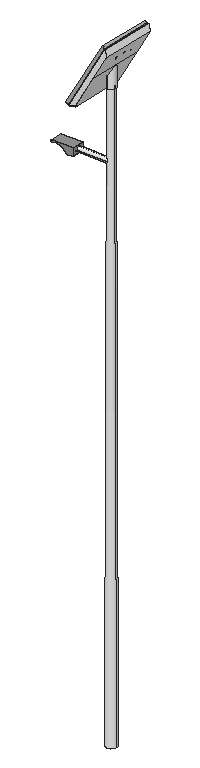
Revit family "Farola Solar Olintu L blanca", category Luminarias, Revit 2021
Family settings
  Cota de conector redondo = Diámetro de uso
  Tipo de pieza = Normal
  Se basa en plano de trabajo = No
  Siempre vertical = Sí
  Corte con vacíos al cargar = No
  Origen de luz = No
  Compartido = Sí
  Punto de cálculo de habitación = No
Parameters
  URL producto = "https://ekiona.com/farolas-solares/serie-olintu/"
  URL = "https://www.ekiona.com/"
  Teléfono de contacto = "(+34) 943 30 80 51"
  Keynote = ""
  Modelo = "Modelo Olintu"
  Marcado CE = "SÍ"
  Garantía = "5 años"
  Gama de colores = "Blanco, Negro, Gris, Verde bosque, Acero galvanizado"
  Gama de acabados = "Glavanizado, Fibra de vidrio, Aluminio"
  Fabricante = "Ekiona"
  Elevación por defecto = 2000 mm
  E-mail de contacto = "info@ekiona.com"
  Distancia inserto-columa = Altura columna extremos - 150 mm  # 7850 mm
  Distancia brazo-final de columna = Altura columna extremos - 1000 mm  # 7000 mm
  Dirección = "Parque Tecnológico Miramón - Paseo Mikeletegi 56 - 20009 Donostia/San Sebastián"
  Descripción de la empresa = "Diseñamos, desarrollamos, fabricamos y comercializamos farolas solares que se adaptan a cualquier necesidad."
  Descripción = "Farola solar que combina diseño y eficencia"
  Clase eficiencia energética = "A++"
  Altura columna planos = Altura columna extremos  # 8000 mm
  Altura columna extremos = 8000 mm
Reference planes
  plane 1 "Center (Front/Back)": y = 0
  plane 2: z = 0
  plane 3 "Center (Left/Right)": x = 0
  plane 4: z = 8000
  plane 5: z = 7850
  plane 6: z = 7000
Dimensions and locks
  "Altura columna planos": level to plane 4
  "Altura columna extremos": nested 1 to plane 4
  "Distancia inserto-columa": level to plane 5
  "Distancia brazo-final de columna": level to plane 6
  aligned and locked: level to plane 2
  aligned and locked: plane 4 to nested 1
  aligned and locked: plane 5 to nested 2
  aligned and locked: plane 6 to nested 3
Nested families
  nested 1: "Columna Olintu L blanca" at (0, 0, 0), type "Columna 8m"
  nested 2: "Tolva Olintu L blanca" at (-30.017, 337.873, 6260.512), type "Tolva Olintu M"
  nested 3: "Luminaria Olintu L blanca" at (0, 0, 6955), type "Luminaria 20W"
Definition of nested family "Columna Olintu L blanca"
  Parameters (values of type "Columna 10m")
    Øsuperior = 88 mm
    Øinferior = 150 mm
    Material columna = none
    Default Elevation = 0 mm
    Altura columna [instance] = 10000 mm
  Types (3, lengths in mm): name | Øinferior | Altura columna
    Columna 9m | 145 | 9000
    Columna 8m | 140 | 8000
    Columna 10m | 150 | 10000
  Reference planes
    plane 1 "Center (Front/Back)": y = 0
    plane 2: z = 0
    plane 3 "Center (Left/Right)": x = 0
    plane 4: z = 10000
  Forms (mm)
    Blend 1, solid, material <- "Material columna"
      base sketch origin (0, 0, 0) x (1, 0, 0) y (0, 1, 0)
        loop
          circle (0, 0) r 75
      top sketch origin (0, 0, 0) x (1, 0, 0) y (0, 1, 0)
        loop
          circle (0, 0) r 44
      from 0 to 10000
  Dimensions and locks
    "Altura columna": plane 4 to level
    "Øinferior": diameter of Blend 1 sketch curve
    "Øsuperior": diameter of Blend 1 sketch curve
    aligned and locked: level to plane 2
    aligned and locked: plane 4 to Blend 1
  Automatic sketch dimensions
    plane 1 "Center (Front/Back)" to Blend 1 sketch curve = 0 mm  (x2)
    Blend 1 sketch curve to plane 3 "Center (Left/Right)" = 0 mm  (x2)
Definition of nested family "Tolva Olintu L blanca"
  Parameters (values of type "Tolva Olintu M")
    Model = "Tolva Olintu"
    Material tapa = none
    Material inserto = none
    Material estructura base = none
    Material embellecedor = none
    Manufacturer = "Ekiona"
    Default Elevation = 0 mm
    Ancho panel = 545 mm
  Reference planes
    plane 1 "Center (Front/Back)": y = 0
    plane 2: z = 0
    plane 3 "Center (Left/Right)": x = 0
    plane 4 "Plano 1": through (314.197, -25, 2122.882) normal (-0.5, 0, 0.866)
    plane 5 "paralelo a vista izq": y = -337.5
    plane 6 "Plano 1": through (259.959, -25, 3493.187) normal (-0.5, 0, 0.866)
    plane 7: through (172.752, 0, 2142.023) normal (-0.866, 0, 0.5)
  Forms (mm)
    Extrusion 1, solid, material <- "Material estructura base"
      sketch origin (128.943, 0, 6.927) x (1, 0, 0) y (0, 0, 1)
        loop
          line (102.452, 2266.839) -> (-376.662, 1436.99) -> (-311.636, 1399.447) -> (167.478, 2229.297) -> (102.452, 2266.839)
      from 0 to 704.8
    Extrusion 2, void
      sketch origin (28.039, 0, -172.323) x (1, 0, 0) y (0, 0, 1)
        loop
          line (221.073, 2440.009) -> (236.391, 2353.137) -> (284.006, 2435.609) -> (221.073, 2440.009)
      from 0 to 704.8
    Extrusion 3, void
      sketch origin (59.33, 0, -118.226) x (1, 0, 0) y (0, 0, 1)
        loop
          line (-212.839, 1570.569) -> (-289.787, 1549.95) -> (-300.47, 1528.787) -> (-231.188, 1488.787) -> (-191.188, 1558.069) -> (-212.839, 1570.569)
      from 0 to 769.834
    Extrusion 4, solid, material <- "Material tapa"
      sketch origin (-59.014, 0, -318.454) x (1, 0, 0) y (0, 0, 1)
        loop
          line (290.483, 2592.177) -> (309.316, 2581.303) -> (323.733, 2499.539) -> (152.052, 2202.179) -> (153.752, 2201.197) -> (325.531, 2498.727) -> (310.698, 2582.853) -> (291.499, 2593.937) -> (290.483, 2592.177)
      from 0 to 704.8
    Extrusion 5, solid, material <- "Material embellecedor"
      sketch origin (128.918, 0, 7.059) x (1, 0, 0) y (0, 0, 1)
        loop
          line (-35.978, 1876.723) -> (-285.554, 1444.445) -> (-356.741, 1425.371) -> (-376.562, 1436.815) -> (-377.509, 1435.176) -> (-356.946, 1423.304) -> (-284.094, 1442.825) -> (-34.182, 1875.686) -> (-35.978, 1876.723)
      from 0 to 704.8
    Extrusion 6, void
      sketch origin (-959.244, -34.1, 22.516) x (0, 1, 0) y (0.5, 0, 0.866025)
        loop
          line (-463.861, 2321.81) -> (-416.148, 2321.81)
          arc (-416.148, 2321.81) -> (-419.48, 2339.286) -> (-430.409, 2353.323) r 37.954
          arc (-430.409, 2353.323) -> (-445.409, 2358.568) -> (-460.409, 2353.323) r 24.073
          arc (-460.409, 2353.323) -> (-471.433, 2339.075) -> (-474.645, 2321.349) r 37.954
          arc (-474.645, 2321.349) -> (-473.167, 2312.913) -> (-469.836, 2305.024) r 37.954
          arc (-469.836, 2305.024) -> (-441.562, 2289.96) -> (-416.017, 2309.293) r 29.744
          line (-416.017, 2309.293) -> (-423.962, 2312.74)
          arc (-423.962, 2312.74) -> (-442.617, 2300.75) -> (-461.255, 2312.766) r 20.484
          arc (-461.255, 2312.766) -> (-462.888, 2317.193) -> (-463.861, 2321.81) r 32.425
        loop
          line (-462.861, 2331.038) -> (-427.861, 2331.038)
          arc (-427.861, 2331.038) -> (-445.361, 2348.538) -> (-462.861, 2331.038) r 17.5
        loop
          line (-407.152, 2354.99) -> (-407.152, 2299.99)
          arc (-407.152, 2299.99) -> (-401.908, 2294.747) -> (-396.665, 2299.99) r 5.244
          line (-396.665, 2299.99) -> (-396.665, 2315.008) -> (-387.196, 2324.476) -> (-367.121, 2295.806)
          arc (-367.121, 2295.806) -> (-360.158, 2294.578) -> (-358.93, 2301.542) r 5
          line (-358.93, 2301.542) -> (-380.016, 2331.656) -> (-362.339, 2349.334)
          arc (-362.339, 2349.334) -> (-362.339, 2357.323) -> (-370.328, 2357.323) r 5.649
          line (-370.328, 2357.323) -> (-396.665, 2330.986) -> (-396.665, 2354.99)
          arc (-396.665, 2354.99) -> (-401.908, 2360.234) -> (-407.152, 2354.99) r 5.244
        loop
          line (-345.695, 2330.348) -> (-345.695, 2298.296)
          arc (-345.695, 2298.296) -> (-340.695, 2293.296) -> (-335.695, 2298.296) r 5
          line (-335.695, 2298.296) -> (-335.695, 2330.348)
          arc (-335.695, 2330.348) -> (-340.695, 2335.348) -> (-345.695, 2330.348) r 5
        loop
          arc (-313.958, 2351.943) -> (-322.635, 2348.932) -> (-329.497, 2355.038) r 9.076
          arc (-329.497, 2355.038) -> (-336.449, 2361.579) -> (-345.695, 2359.211) r 9.903
          arc (-345.695, 2359.211) -> (-348.682, 2355.086) -> (-349.922, 2350.147) r 13.45
          arc (-349.922, 2350.147) -> (-346.706, 2343.243) -> (-339.177, 2342.089) r 8.071
          arc (-339.177, 2342.089) -> (-335.695, 2342.685) -> (-332.214, 2342.089) r 10.463
          arc (-332.214, 2342.089) -> (-327.031, 2338.208) -> (-325.061, 2332.04) r 10.635
          arc (-325.061, 2332.04) -> (-262.525, 2310.202) -> (-313.958, 2351.943) r 33.621
        loop
          line (-250.357, 2353.481) -> (-250.357, 2298.481)
          arc (-250.357, 2298.481) -> (-243.625, 2291.749) -> (-236.893, 2298.481) r 6.732
          line (-236.893, 2298.481) -> (-236.893, 2343.466)
          arc (-236.893, 2343.466) -> (-229.971, 2349.019) -> (-221.459, 2351.529) r 22.933
          arc (-221.459, 2351.529) -> (-212.902, 2347.984) -> (-209.357, 2339.427) r 12.102
          line (-209.357, 2339.427) -> (-209.357, 2298.481)
          arc (-209.357, 2298.481) -> (-203.024, 2292.148) -> (-196.691, 2298.481) r 6.333
          line (-196.691, 2298.481) -> (-196.691, 2339.905)
          arc (-196.691, 2339.905) -> (-198.028, 2347.169) -> (-201.863, 2353.481) r 20.404
          arc (-201.863, 2353.481) -> (-219.569, 2360.932) -> (-237.793, 2354.854) r 27.258
          arc (-237.793, 2354.854) -> (-244.69, 2359.8) -> (-250.357, 2353.481) r 6.357
        loop
          arc (-184.719, 2344.597) -> (-181.441, 2338.502) -> (-174.681, 2339.98) r 5.745
          arc (-174.681, 2339.98) -> (-169.693, 2349.593) -> (-159.36, 2352.836) r 14.106
          arc (-159.36, 2352.836) -> (-151.076, 2350.212) -> (-144.661, 2344.349) r 20.193
          line (-144.661, 2344.349) -> (-144.661, 2338.186)
          arc (-144.661, 2338.186) -> (-158.183, 2333.475) -> (-172.248, 2330.794) r 97.575
          arc (-172.248, 2330.794) -> (-181.869, 2326.808) -> (-185.855, 2317.187) r 13.607
          arc (-185.855, 2317.187) -> (-186.09, 2312.502) -> (-186.044, 2307.811) r 78.299
          arc (-186.044, 2307.811) -> (-182.313, 2300.899) -> (-176.154, 2296.024) r 19.471
          arc (-176.154, 2296.024) -> (-166.154, 2293.649) -> (-156.154, 2296.024) r 22.235
          arc (-156.154, 2296.024) -> (-150.683, 2299.242) -> (-145.676, 2303.144) r 48.757
          line (-145.676, 2303.144) -> (-145.676, 2297.176)
          arc (-145.676, 2297.176) -> (-140.801, 2292.301) -> (-135.926, 2297.176) r 4.875
          line (-135.926, 2297.176) -> (-135.926, 2347.483)
          arc (-135.926, 2347.483) -> (-140.108, 2354.143) -> (-146.491, 2358.739) r 20.503
          arc (-146.491, 2358.739) -> (-158.534, 2361.376) -> (-170.577, 2358.739) r 28.822
          arc (-170.577, 2358.739) -> (-178.914, 2352.934) -> (-184.719, 2344.597) r 28.822
        loop
          arc (-144.661, 2330.676) -> (-156.177, 2325.488) -> (-168.693, 2323.785) r 44.019
          arc (-168.693, 2323.785) -> (-173.358, 2321.852) -> (-175.29, 2317.187) r 6.598
          arc (-175.29, 2317.187) -> (-175.527, 2313.145) -> (-175.29, 2309.103) r 34.669
          arc (-175.29, 2309.103) -> (-173.729, 2305.335) -> (-169.961, 2303.774) r 5.329
          arc (-169.961, 2303.774) -> (-163.465, 2302.436) -> (-156.969, 2303.774) r 16.436
          arc (-156.969, 2303.774) -> (-150.056, 2308.034) -> (-144.661, 2314.101) r 27.926
          line (-144.661, 2314.101) -> (-144.661, 2330.676)
      from -19.407 to 3
    Revolve 7, solid, material <- "Material inserto"
      sketch origin (29.873, 0, -136.266) x (0, 1, 0) y (0, 0, 1)
        loop
          line (-287.5, 2035.827) -> (-287.5, 1725.755) -> (-284.5, 1725.755) -> (-284.5, 2035.827) -> (-287.5, 2035.827)
        axis (-337.5, 2035.827) -> (-337.5, 1725.755)
      angle from 0 to 360
    Extrusion 8, solid, not visible
      sketch origin (124.705, 0, 1465.982) x (1, 0, 0) y (0, 0, 1)
        loop
          line (25.298, 2103.034) -> (-292.965, 1551.785) -> (-241.004, 1521.785) -> (77.26, 2073.034) -> (25.298, 2103.034)
      from 70.047 to 615.047
    Extrusion 9, void, not visible
      sketch origin (-63.196, 0, 1140.322) x (1, 0, 0) y (0, 0, 1)
        loop
          line (224.128, 2422.685) -> (236.948, 2349.979) -> (276.798, 2419.002) -> (224.128, 2422.685)
      from 0 to 675
    Extrusion 10, void, not visible
      sketch origin (124.705, 0, 1465.982) x (1, 0, 0) y (0, 0, 1)
        loop
          line (-212.839, 1570.569) -> (-289.787, 1549.95) -> (-300.47, 1528.787) -> (-231.188, 1488.787) -> (-191.188, 1558.069) -> (-212.839, 1570.569)
      from 0 to 675
    Extrusion 11, solid, not visible
      sketch origin (-63.252, 0, 1140.601) x (1, 0, 0) y (0, 0, 1)
        loop
          line (212.635, 2427.51) -> (224.709, 2420.539) -> (237.206, 2349.669) -> (152.052, 2202.179) -> (153.752, 2201.197) -> (239.192, 2349.183) -> (226.372, 2421.888) -> (213.635, 2429.242) -> (212.635, 2427.51)
      from 70.047 to 615.047
    Extrusion 12, solid, not visible
      sketch origin (124.679, 0, 1466.114) x (1, 0, 0) y (0, 0, 1)
        loop
          line (-35.879, 1876.666) -> (-212.705, 1570.395) -> (-289.813, 1549.734) -> (-293.065, 1551.612) -> (-294.068, 1549.876) -> (-290.068, 1547.567) -> (-211.46, 1568.63) -> (-34.182, 1875.686) -> (-35.879, 1876.666)
      from 70.047 to 615.047
    Extrusion 13, solid, not visible
      sketch origin (124.769, 0, 1465.921) x (1, 0, 0) y (0, 0, 1)
        loop
          line (-292.965, 1551.785) -> (25.035, 2102.578) -> (-5.276, 2120.078) -> (-323.276, 1569.285) -> (-292.965, 1551.785)
      from 70.047 to 615.047
    Extrusion 14, void, not visible
      sketch origin (-1013.482, -34.1, 1392.821) x (0, 1, 0) y (0.5, 0, 0.866025)
        loop
          line (-463.861, 2321.81) -> (-416.148, 2321.81)
          arc (-416.148, 2321.81) -> (-419.48, 2339.286) -> (-430.409, 2353.323) r 37.954
          arc (-430.409, 2353.323) -> (-445.409, 2358.568) -> (-460.409, 2353.323) r 24.073
          arc (-460.409, 2353.323) -> (-471.433, 2339.075) -> (-474.645, 2321.349) r 37.954
          arc (-474.645, 2321.349) -> (-473.167, 2312.913) -> (-469.836, 2305.024) r 37.954
          arc (-469.836, 2305.024) -> (-441.562, 2289.96) -> (-416.017, 2309.293) r 29.744
          line (-416.017, 2309.293) -> (-423.962, 2312.74)
          arc (-423.962, 2312.74) -> (-442.617, 2300.75) -> (-461.255, 2312.766) r 20.484
          arc (-461.255, 2312.766) -> (-462.888, 2317.193) -> (-463.861, 2321.81) r 32.425
        loop
          line (-462.861, 2331.038) -> (-427.861, 2331.038)
          arc (-427.861, 2331.038) -> (-445.361, 2348.538) -> (-462.861, 2331.038) r 17.5
        loop
          line (-407.152, 2354.99) -> (-407.152, 2299.99)
          arc (-407.152, 2299.99) -> (-401.908, 2294.747) -> (-396.665, 2299.99) r 5.244
          line (-396.665, 2299.99) -> (-396.665, 2315.008) -> (-387.196, 2324.476) -> (-367.121, 2295.806)
          arc (-367.121, 2295.806) -> (-360.158, 2294.578) -> (-358.93, 2301.542) r 5
          line (-358.93, 2301.542) -> (-380.016, 2331.656) -> (-362.339, 2349.334)
          arc (-362.339, 2349.334) -> (-362.339, 2357.323) -> (-370.328, 2357.323) r 5.649
          line (-370.328, 2357.323) -> (-396.665, 2330.986) -> (-396.665, 2354.99)
          arc (-396.665, 2354.99) -> (-401.908, 2360.234) -> (-407.152, 2354.99) r 5.244
        loop
          line (-345.695, 2330.348) -> (-345.695, 2298.296)
          arc (-345.695, 2298.296) -> (-340.695, 2293.296) -> (-335.695, 2298.296) r 5
          line (-335.695, 2298.296) -> (-335.695, 2330.348)
          arc (-335.695, 2330.348) -> (-340.695, 2335.348) -> (-345.695, 2330.348) r 5
        loop
          arc (-313.958, 2351.943) -> (-322.635, 2348.932) -> (-329.497, 2355.038) r 9.076
          arc (-329.497, 2355.038) -> (-336.449, 2361.579) -> (-345.695, 2359.211) r 9.903
          arc (-345.695, 2359.211) -> (-348.682, 2355.086) -> (-349.922, 2350.147) r 13.45
          arc (-349.922, 2350.147) -> (-346.706, 2343.243) -> (-339.177, 2342.089) r 8.071
          arc (-339.177, 2342.089) -> (-335.695, 2342.685) -> (-332.214, 2342.089) r 10.463
          arc (-332.214, 2342.089) -> (-327.031, 2338.208) -> (-325.061, 2332.04) r 10.635
          arc (-325.061, 2332.04) -> (-262.525, 2310.202) -> (-313.958, 2351.943) r 33.621
        loop
          line (-250.357, 2353.481) -> (-250.357, 2298.481)
          arc (-250.357, 2298.481) -> (-243.625, 2291.749) -> (-236.893, 2298.481) r 6.732
          line (-236.893, 2298.481) -> (-236.893, 2343.466)
          arc (-236.893, 2343.466) -> (-229.971, 2349.019) -> (-221.459, 2351.529) r 22.933
          arc (-221.459, 2351.529) -> (-212.902, 2347.984) -> (-209.357, 2339.427) r 12.102
          line (-209.357, 2339.427) -> (-209.357, 2298.481)
          arc (-209.357, 2298.481) -> (-203.024, 2292.148) -> (-196.691, 2298.481) r 6.333
          line (-196.691, 2298.481) -> (-196.691, 2339.905)
          arc (-196.691, 2339.905) -> (-198.028, 2347.169) -> (-201.863, 2353.481) r 20.404
          arc (-201.863, 2353.481) -> (-219.569, 2360.932) -> (-237.793, 2354.854) r 27.258
          arc (-237.793, 2354.854) -> (-244.69, 2359.8) -> (-250.357, 2353.481) r 6.357
        loop
          arc (-184.719, 2344.597) -> (-181.441, 2338.502) -> (-174.681, 2339.98) r 5.745
          arc (-174.681, 2339.98) -> (-169.693, 2349.593) -> (-159.36, 2352.836) r 14.106
          arc (-159.36, 2352.836) -> (-151.076, 2350.212) -> (-144.661, 2344.349) r 20.193
          line (-144.661, 2344.349) -> (-144.661, 2338.186)
          arc (-144.661, 2338.186) -> (-158.183, 2333.475) -> (-172.248, 2330.794) r 97.575
          arc (-172.248, 2330.794) -> (-181.869, 2326.808) -> (-185.855, 2317.187) r 13.607
          arc (-185.855, 2317.187) -> (-186.09, 2312.502) -> (-186.044, 2307.811) r 78.299
          arc (-186.044, 2307.811) -> (-182.313, 2300.899) -> (-176.154, 2296.024) r 19.471
          arc (-176.154, 2296.024) -> (-166.154, 2293.649) -> (-156.154, 2296.024) r 22.235
          arc (-156.154, 2296.024) -> (-150.683, 2299.242) -> (-145.676, 2303.144) r 48.757
          line (-145.676, 2303.144) -> (-145.676, 2297.176)
          arc (-145.676, 2297.176) -> (-140.801, 2292.301) -> (-135.926, 2297.176) r 4.875
          line (-135.926, 2297.176) -> (-135.926, 2347.483)
          arc (-135.926, 2347.483) -> (-140.108, 2354.143) -> (-146.491, 2358.739) r 20.503
          arc (-146.491, 2358.739) -> (-158.534, 2361.376) -> (-170.577, 2358.739) r 28.822
          arc (-170.577, 2358.739) -> (-178.914, 2352.934) -> (-184.719, 2344.597) r 28.822
        loop
          arc (-144.661, 2330.676) -> (-156.177, 2325.488) -> (-168.693, 2323.785) r 44.019
          arc (-168.693, 2323.785) -> (-173.358, 2321.852) -> (-175.29, 2317.187) r 6.598
          arc (-175.29, 2317.187) -> (-175.527, 2313.145) -> (-175.29, 2309.103) r 34.669
          arc (-175.29, 2309.103) -> (-173.729, 2305.335) -> (-169.961, 2303.774) r 5.329
          arc (-169.961, 2303.774) -> (-163.465, 2302.436) -> (-156.969, 2303.774) r 16.436
          arc (-156.969, 2303.774) -> (-150.056, 2308.034) -> (-144.661, 2314.101) r 27.926
          line (-144.661, 2314.101) -> (-144.661, 2330.676)
      from -19.407 to 3
    Revolve 15, solid, not visible
      sketch origin (0, 0, 1241.412) x (0, 1, 0) y (0, 0, 1)
        loop
          line (-287.5, 2035.827) -> (-287.5, 1725.755) -> (-284.5, 1725.755) -> (-284.5, 2035.827) -> (-287.5, 2035.827)
        axis (-337.5, 2035.827) -> (-337.5, 1725.755)
      angle from 0 to 360
    Extrusion 16, solid, not visible
      sketch origin (128.943, 0, 6.927) x (1, 0, 0) y (0, 0, 1)
        loop
          line (25.298, 2103.034) -> (-292.965, 1551.785) -> (-241.004, 1521.785) -> (77.26, 2073.034) -> (25.298, 2103.034)
      from 70.047 to 615.047
    Extrusion 17, solid, not visible
      sketch origin (-59.014, 0, -318.454) x (1, 0, 0) y (0, 0, 1)
        loop
          line (212.635, 2427.51) -> (224.709, 2420.539) -> (237.206, 2349.669) -> (152.052, 2202.179) -> (153.752, 2201.197) -> (239.192, 2349.183) -> (226.372, 2421.888) -> (213.635, 2429.242) -> (212.635, 2427.51)
      from 70.047 to 615.047
    Extrusion 18, solid, not visible
      sketch origin (128.918, 0, 7.059) x (1, 0, 0) y (0, 0, 1)
        loop
          line (-35.879, 1876.666) -> (-212.705, 1570.395) -> (-289.813, 1549.734) -> (-293.065, 1551.612) -> (-294.068, 1549.876) -> (-290.068, 1547.567) -> (-211.46, 1568.63) -> (-34.182, 1875.686) -> (-35.879, 1876.666)
      from 70.047 to 615.047
    Revolve 19, solid, not visible
      sketch origin (0, 0, -217.643) x (0, 1, 0) y (0, 0, 1)
        loop
          line (-287.5, 2035.827) -> (-287.5, 1725.755) -> (-284.5, 1725.755) -> (-284.5, 2035.827) -> (-287.5, 2035.827)
        axis (-337.5, 2035.827) -> (-337.5, 1725.755)
      angle from 0 to 360
    Extrusion 20, solid
      sketch origin (-12.917, 0, 7.457) x (1, 0, 0) y (0, 0, 1)
        loop
          line (245.402, 2268.026) -> (215.091, 2285.526) -> (-265.985, 1452.278) -> (-235.674, 1434.778) -> (245.402, 2268.026)
      from 0 to 704.8
  Cuts and joins
    Extrusion 2, Extrusion 3, Extrusion 6 cuts Extrusion 1
    Extrusion 6 cuts Extrusion 4
  Dimensions and locks
    cut or joined group of Extrusion 4, Extrusion 6 to cut or joined group of Extrusion 4, Extrusion 6 = 704.8 mm
    Extrusion 5 to Extrusion 5 = 704.8 mm
    cut or joined group of Extrusion 1, Extrusion 2, Extrusion 3, Extrusion 6 to cut or joined group of Extrusion 1, Extrusion 2, Extrusion 3, Extrusion 6 = 704.8 mm
    Revolve 7 sketch curve to Revolve 7 sketch curve = 50 mm
    Revolve 7 sketch curve to Revolve 7 sketch curve = 53 mm
    Revolve 19 sketch curve to Revolve 19 sketch curve = 50 mm
    Revolve 19 sketch curve to Revolve 19 sketch curve = 53 mm
    Extrusion 20 to Extrusion 4 = 2.033 mm
    aligned and locked: level to plane 2
    aligned and locked: Extrusion 4 to cut or joined group of Extrusion 1, Extrusion 2, Extrusion 3, Extrusion 6
Definition of nested family "Luminaria Olintu L blanca"
  Parameters (values of type "Luminaria 80W")
    Tilt Angle = 70.00°
    built-in parameter 1010506 = 0.34907 (stored number, unit not read)
    built-in parameter 1010507 = 1.2217 (stored number, unit not read)
    Wattage = 80 W
    built-in parameter 1150107 = 3000 (stored number, unit not read)
    built-in parameter 1150110 = 1 (stored number, unit not read)
    built-in parameter 1150109 = 1 (stored number, unit not read)
    built-in parameter 1150112 = 1 (stored number, unit not read)
    built-in parameter 1150113 = 1 (stored number, unit not read)
    built-in parameter 1114218 = 1 (stored number, unit not read)
    built-in parameter 1150137 = (empty or 0)
    built-in parameter 1150132 = (empty or 0)
    Material luminaria = none
    Material brazo = none
    Material LED = none
    Light Source Symbol Length = 3048 mm
    built-in parameter 1150105 = 97231.6 (stored number, unit not read)
    built-in parameter 1150102 = (empty or 0)
    built-in parameter 1150106 = 972.32 (stored number, unit not read)
    Emit Shape Visible in Rendering = no
    Lumens = 13200 lm
    Color Filter = 16777215
    built-in parameter 1114217 = 0.7 (stored number, unit not read)
    built-in parameter 1150139 = (empty or 0)
    Default Elevation = 0 mm
    built-in parameter 1150104 = 15.329 (stored number, unit not read)
    Emit from Circle Diameter = 50 mm
    built-in parameter 1150115 = 1 (stored number, unit not read)
    built-in parameter 1150114 = 1 (stored number, unit not read)
    built-in parameter 1150138 = (empty or 0)
    built-in parameter 1150134 = (empty or 0)
    Dimming Lamp Color Temperature Shift = (empty or 0)
    built-in parameter 1150133 = 10 (stored number, unit not read)
  Types (7, lengths in mm): name | Wattage | built-in parameter 1150105 | built-in parameter 1150106 | Lumens
    Luminaria 30W | 30 W | 36461.8 (stored number, unit not read) | 364.62 (stored number, unit not read) | 4950 lm
    Luminaria 20W | 20 W | 24307.9 (stored number, unit not read) | 243.08 (stored number, unit not read) | 3300 lm
    Luminaria 40W | 40 W | 48615.8 (stored number, unit not read) | 486.16 (stored number, unit not read) | 6600 lm
    Luminaria 50W | 50 W | 60769.7 (stored number, unit not read) | 607.7 (stored number, unit not read) | 8250 lm
    Luminaria 60W | 60 W | 72923.7 (stored number, unit not read) | 729.24 (stored number, unit not read) | 9900 lm
    Luminaria 80W | 80 W | 97231.6 (stored number, unit not read) | 972.32 (stored number, unit not read) | 13200 lm
    Luminaria 100W | 100 W | 121539.5 (stored number, unit not read) | 1215.4 (stored number, unit not read) | 16500 lm
  Reference planes
    plane 1 "Center (Front/Back)": y = 0
    plane 2: z = 0
    plane 3 "Center (Left/Right)": x = 0
  Forms (mm)
    Revolve 1, solid, material <- "Material brazo"
      sketch origin (303.946, 1.989, 0) x (1, 0, 0) y (0, 1, 0)
        loop
          line (-759.81, 30) -> (-302.022, 30) -> (-302.022, 33.284) -> (-759.81, 33.284) -> (-759.81, 30)
        axis (-759.81, 0) -> (-302.022, 0)
      angle from 0 to 360
    Revolve 2, solid, material <- "Material LED"
      sketch origin (491.23, 0, 1.202) x (1, 0, 0) y (0, 0, 1)
        loop
          arc (-1192.369, 27.257) -> (-1185.047, 9.579) -> (-1167.369, 2.257) r 25
          line (-1167.369, 2.257) -> (-1167.369, 27.257) -> (-1192.369, 27.257)
        axis (-1167.369, 27.257) -> (-1167.369, 2.257)
      angle from 0 to 360
    Extrusion 3, solid, material <- "Material luminaria"
      sketch origin (90.557, 170, -3.536) x (1, 0, 0) y (0, 0, 1)
        loop
          arc (-530.557, 45) -> (-532.034, 47.059) -> (-534.093, 48.536) r 7.795
          line (-534.093, 48.536) -> (-819.093, 48.536)
          arc (-819.093, 48.536) -> (-830.585, 37.044) -> (-819.093, 25.552) r 11.492
          line (-819.093, 25.552) -> (-754.765, 25.552)
          arc (-754.765, 25.552) -> (-719.662, 20.455) -> (-685.221, 11.966) r 364.063
          arc (-685.221, 11.966) -> (-667.18, 1.896) -> (-655.103, -14.869) r 47.612
          arc (-655.103, -14.869) -> (-633.37, -40.263) -> (-603.441, -55.142) r 83.798
          arc (-603.441, -55.142) -> (-569.333, -56.37) -> (-535.764, -50.207) r 157.18
          arc (-535.764, -50.207) -> (-532.082, -48.682) -> (-530.557, -45) r 5.207
          line (-530.557, -45) -> (-530.557, 45)
      from 95.307 to 250
  Dimensions and locks
    aligned and locked: level to plane 2
